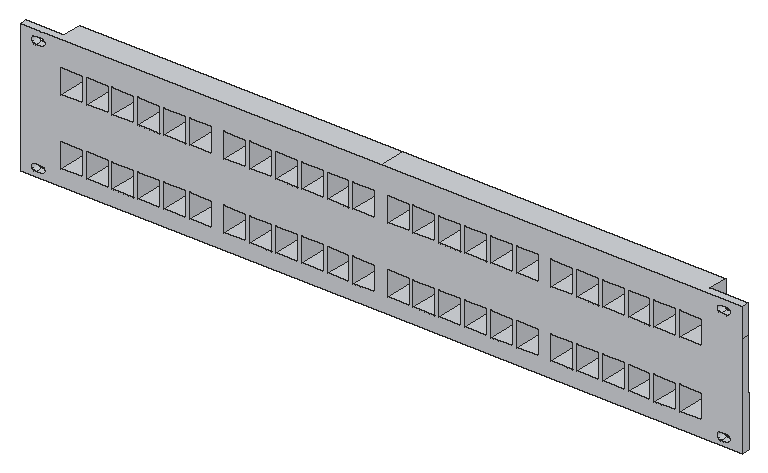
Revit family
Parameters
  Material ID = "760163444"
  Description = "HIGH DENSITY SHIELDED 2U 48 PORT MODULAR PANEL"
Reference planes (in)
  plane 1 "Center (Front/Back)": y = 0
  plane 2: z = 0
  plane 3 "Center (Left/Right)": x = 0
Forms (in)
  Extrusion 1, solid
    sketch origin (0, 0, 0) x (1, 0, 0) y (0, 0, 1)
      loop
        line (0, 0.75218) -> (-9.5, 0.75218) -> (-9.5, 0.00218) -> (-9.5, -2.71782) -> (0, -2.71782) -> (9.5, -2.71782) -> (9.5, 0) -> (9.5, 0.75218) -> (0, 0.75218)
    from 0 to 2.5
  Extrusion 2, void, not visible
    sketch origin (0, 0, 0) x (1, 0, 0) y (0, 0, 1)
      loop
        line (-7.85662, 0.48089) -> (-7.85662, -0.39002) -> (-7.67285, -0.39002) -> (-7.67285, -0.64002) -> (-7.0736, -0.64002) -> (-7.0736, -0.39002) -> (-6.92978, -0.39002) -> (-6.92978, 0.48089) -> (-7.85662, 0.48089)
    from -3.79215 to 12
  Extrusion 3, void
    sketch origin (0, 0, -0.23578) x (1, 0, 0) y (0, 0, 1)
      loop
        line (-8.44, 0.33597) -> (-8.44, -0.31203) -> (-7.864, -0.31203) -> (-7.864, 0.33597) -> (-8.44, 0.33597)
      loop
        line (-7.76, 0.33597) -> (-7.76, -0.31203) -> (-7.184, -0.31203) -> (-7.184, 0.33597) -> (-7.76, 0.33597)
      loop
        line (-7.08, 0.33597) -> (-7.08, -0.31203) -> (-6.504, -0.31203) -> (-6.504, 0.33597) -> (-7.08, 0.33597)
      loop
        line (-6.4, 0.33597) -> (-6.4, -0.31203) -> (-5.824, -0.31203) -> (-5.824, 0.33597) -> (-6.4, 0.33597)
      loop
        line (-5.72, 0.33597) -> (-5.72, -0.31203) -> (-5.144, -0.31203) -> (-5.144, 0.33597) -> (-5.72, 0.33597)
      loop
        line (-5.04, 0.33597) -> (-5.04, -0.31203) -> (-4.464, -0.31203) -> (-4.464, 0.33597) -> (-5.04, 0.33597)
      loop
        line (-4.14, 0.33597) -> (-4.14, -0.31203) -> (-3.564, -0.31203) -> (-3.564, 0.33597) -> (-4.14, 0.33597)
      loop
        line (-3.46, 0.33597) -> (-3.46, -0.31203) -> (-2.884, -0.31203) -> (-2.884, 0.33597) -> (-3.46, 0.33597)
      loop
        line (-2.78, 0.33597) -> (-2.78, -0.31203) -> (-2.204, -0.31203) -> (-2.204, 0.33597) -> (-2.78, 0.33597)
      loop
        line (-2.1, 0.33597) -> (-2.1, -0.31203) -> (-1.524, -0.31203) -> (-1.524, 0.33597) -> (-2.1, 0.33597)
      loop
        line (-1.42, 0.33597) -> (-1.42, -0.31203) -> (-0.844, -0.31203) -> (-0.844, 0.33597) -> (-1.42, 0.33597)
      loop
        line (-0.74, 0.33597) -> (-0.74, -0.31203) -> (-0.164, -0.31203) -> (-0.164, 0.33597) -> (-0.74, 0.33597)
      loop
        line (0.16, 0.33597) -> (0.16, -0.31203) -> (0.736, -0.31203) -> (0.736, 0.33597) -> (0.16, 0.33597)
      loop
        line (0.84, 0.33597) -> (0.84, -0.31203) -> (1.416, -0.31203) -> (1.416, 0.33597) -> (0.84, 0.33597)
      loop
        line (1.52, 0.33597) -> (1.52, -0.31203) -> (2.096, -0.31203) -> (2.096, 0.33597) -> (1.52, 0.33597)
      loop
        line (2.2, 0.33597) -> (2.2, -0.31203) -> (2.776, -0.31203) -> (2.776, 0.33597) -> (2.2, 0.33597)
      loop
        line (2.88, 0.33597) -> (2.88, -0.31203) -> (3.456, -0.31203) -> (3.456, 0.33597) -> (2.88, 0.33597)
      loop
        line (3.56, 0.33597) -> (3.56, -0.31203) -> (4.136, -0.31203) -> (4.136, 0.33597) -> (3.56, 0.33597)
      loop
        line (4.46, 0.33597) -> (4.46, -0.31203) -> (5.036, -0.31203) -> (5.036, 0.33597) -> (4.46, 0.33597)
      loop
        line (5.14, 0.33597) -> (5.14, -0.31203) -> (5.716, -0.31203) -> (5.716, 0.33597) -> (5.14, 0.33597)
      loop
        line (5.82, 0.33597) -> (5.82, -0.31203) -> (6.396, -0.31203) -> (6.396, 0.33597) -> (5.82, 0.33597)
      loop
        line (6.5, 0.33597) -> (6.5, -0.31203) -> (7.076, -0.31203) -> (7.076, 0.33597) -> (6.5, 0.33597)
      loop
        line (7.18, 0.33597) -> (7.18, -0.31203) -> (7.756, -0.31203) -> (7.756, 0.33597) -> (7.18, 0.33597)
      loop
        line (7.86, 0.33597) -> (7.86, -0.31203) -> (8.436, -0.31203) -> (8.436, 0.33597) -> (7.86, 0.33597)
      loop
        line (-8.44, -1.41403) -> (-8.44, -2.06203) -> (-7.864, -2.06203) -> (-7.864, -1.41403) -> (-8.44, -1.41403)
      loop
        line (-7.76, -1.41403) -> (-7.76, -2.06203) -> (-7.184, -2.06203) -> (-7.184, -1.41403) -> (-7.76, -1.41403)
      loop
        line (-7.08, -1.41403) -> (-7.08, -2.06203) -> (-6.504, -2.06203) -> (-6.504, -1.41403) -> (-7.08, -1.41403)
      loop
        line (-6.4, -1.41403) -> (-6.4, -2.06203) -> (-5.824, -2.06203) -> (-5.824, -1.41403) -> (-6.4, -1.41403)
      loop
        line (-5.72, -1.41403) -> (-5.72, -2.06203) -> (-5.144, -2.06203) -> (-5.144, -1.41403) -> (-5.72, -1.41403)
      loop
        line (-5.04, -1.41403) -> (-5.04, -2.06203) -> (-4.464, -2.06203) -> (-4.464, -1.41403) -> (-5.04, -1.41403)
      loop
        line (-4.14, -1.41403) -> (-4.14, -2.06203) -> (-3.564, -2.06203) -> (-3.564, -1.41403) -> (-4.14, -1.41403)
      loop
        line (-3.46, -1.41403) -> (-3.46, -2.06203) -> (-2.884, -2.06203) -> (-2.884, -1.41403) -> (-3.46, -1.41403)
      loop
        line (-2.78, -1.41403) -> (-2.78, -2.06203) -> (-2.204, -2.06203) -> (-2.204, -1.41403) -> (-2.78, -1.41403)
      loop
        line (-2.1, -1.41403) -> (-2.1, -2.06203) -> (-1.524, -2.06203) -> (-1.524, -1.41403) -> (-2.1, -1.41403)
      loop
        line (-1.42, -1.41403) -> (-1.42, -2.06203) -> (-0.844, -2.06203) -> (-0.844, -1.41403) -> (-1.42, -1.41403)
      loop
        line (-0.74, -1.41403) -> (-0.74, -2.06203) -> (-0.164, -2.06203) -> (-0.164, -1.41403) -> (-0.74, -1.41403)
      loop
        line (0.16, -1.41403) -> (0.16, -2.06203) -> (0.736, -2.06203) -> (0.736, -1.41403) -> (0.16, -1.41403)
      loop
        line (0.84, -1.41403) -> (0.84, -2.06203) -> (1.416, -2.06203) -> (1.416, -1.41403) -> (0.84, -1.41403)
      loop
        line (1.52, -1.41403) -> (1.52, -2.06203) -> (2.096, -2.06203) -> (2.096, -1.41403) -> (1.52, -1.41403)
      loop
        line (2.2, -1.41403) -> (2.2, -2.06203) -> (2.776, -2.06203) -> (2.776, -1.41403) -> (2.2, -1.41403)
      loop
        line (2.88, -1.41403) -> (2.88, -2.06203) -> (3.456, -2.06203) -> (3.456, -1.41403) -> (2.88, -1.41403)
      loop
        line (3.56, -1.41403) -> (3.56, -2.06203) -> (4.136, -2.06203) -> (4.136, -1.41403) -> (3.56, -1.41403)
      loop
        line (4.46, -1.41403) -> (4.46, -2.06203) -> (5.036, -2.06203) -> (5.036, -1.41403) -> (4.46, -1.41403)
      loop
        line (5.14, -1.41403) -> (5.14, -2.06203) -> (5.716, -2.06203) -> (5.716, -1.41403) -> (5.14, -1.41403)
      loop
        line (5.82, -1.41403) -> (5.82, -2.06203) -> (6.396, -2.06203) -> (6.396, -1.41403) -> (5.82, -1.41403)
      loop
        line (6.5, -1.41403) -> (6.5, -2.06203) -> (7.076, -2.06203) -> (7.076, -1.41403) -> (6.5, -1.41403)
      loop
        line (7.18, -1.41403) -> (7.18, -2.06203) -> (7.756, -2.06203) -> (7.756, -1.41403) -> (7.18, -1.41403)
      loop
        line (7.86, -1.41403) -> (7.86, -2.06203) -> (8.436, -2.06203) -> (8.436, -1.41403) -> (7.86, -1.41403)
    from -1.73852 to 5.60437
  Extrusion 4, void, not visible
    sketch origin (0, 0, 0) x (1, 0, 0) y (0, 0, 1)
      loop
        line (-8.21397, 0.42583) -> (-8.21397, -0.07417) -> (-8.08657, -0.07417) -> (-8.08657, -0.27417) -> (-7.83657, -0.27417) -> (-7.83657, -0.07417) -> (-7.72497, -0.07417) -> (-7.72497, 0.42583) -> (-8.21397, 0.42583)
    from 0.74059 to 3.34334
  Extrusion 5, void
    sketch origin (0, 0, 0) x (0, 1, 0) y (0, 0, 1)
      loop
        line (-0.69329, 0.92313) -> (-2.87402, 0.92313) -> (-2.67672, -4.72693) -> (-0.69329, -4.72693) -> (-0.69329, 0.92313)
    from -13.91716 to 12
  Extrusion 6, void, not visible
    sketch origin (0, 0, 0) x (1, 0, 0) y (0, 0, 1)
      loop
        line (-8.19397, 0.28004) -> (-8.19397, -0.07417) -> (-8.06657, -0.07417) -> (-8.06657, -0.16337) -> (-7.91657, -0.16337) -> (-7.91657, -0.07417) -> (-7.80497, -0.07417) -> (-7.80497, 0.28004) -> (-8.19397, 0.28004)
    from 0.25637 to 5.60437
  Extrusion 7, void
    sketch origin (0, 0, 0.5) x (1, 0, 0) y (0, 0, 1)
      loop
        arc (-9.09564, 0.1) -> (-9.19564, 0) -> (-9.09564, -0.1) r 0.1
        line (-9.09564, -0.1) -> (-8.93998, -0.1)
        arc (-8.93998, -0.1) -> (-8.83998, 0) -> (-8.93998, 0.1) r 0.1
        line (-8.93998, 0.1) -> (-9.09564, 0.1)
    from 0 to 3.06687
  Extrusion 8, void
    sketch origin (0, 0, 0.5) x (-1, 0, 0) y (0, 0, -1)
      loop
        line (-9.09564, -0.1) -> (-8.93998, -0.1)
        arc (-8.93998, -0.1) -> (-8.83998, 0) -> (-8.93998, 0.1) r 0.1
        line (-8.93998, 0.1) -> (-9.09564, 0.1)
        arc (-9.09564, 0.1) -> (-9.19564, 0) -> (-9.09564, -0.1) r 0.1
    from 0 to 1.60631
  Extrusion 9, void
    sketch origin (0, 0, 0) x (1, 0, 0) y (0, 1, 0)
      loop
        line (9.5, 0) -> (8.5, 0) -> (8.5, -0.5) -> (9.5, -0.5) -> (9.5, 0)
      loop
        line (-8.5, 0) -> (-9.5, 0) -> (-9.5, -0.5) -> (-8.5, -0.5) -> (-8.5, 0)
    from -8.16474 to 12
  Extrusion 10, void
    sketch origin (0, 0, -2.5) x (1, 0, 0) y (0, 0, 1)
      loop
        arc (-9.09564, 0.1) -> (-9.19564, 0) -> (-9.09564, -0.1) r 0.1
        line (-9.09564, -0.1) -> (-8.93998, -0.1)
        arc (-8.93998, -0.1) -> (-8.83998, 0) -> (-8.93998, 0.1) r 0.1
        line (-8.93998, 0.1) -> (-9.09564, 0.1)
    from 0 to 3.06687
  Extrusion 11, void
    sketch origin (0, 0, -2.5) x (-1, 0, 0) y (0, 0, -1)
      loop
        line (-9.09564, -0.1) -> (-8.93998, -0.1)
        arc (-8.93998, -0.1) -> (-8.83998, 0) -> (-8.93998, 0.1) r 0.1
        line (-8.93998, 0.1) -> (-9.09564, 0.1)
        arc (-9.09564, 0.1) -> (-9.19564, 0) -> (-9.09564, -0.1) r 0.1
    from 0 to 1.60631
Cuts and joins
  Extrusion 3, Extrusion 5, Extrusion 7, Extrusion 8, Extrusion 9, Extrusion 10, Extrusion 11 cuts Extrusion 1
Dimensions and locks (in)
  aligned: level to Extrusion 1 sketch curve
  aligned and locked: plane 3 "Center (Left/Right)" to Extrusion 1 sketch curve
